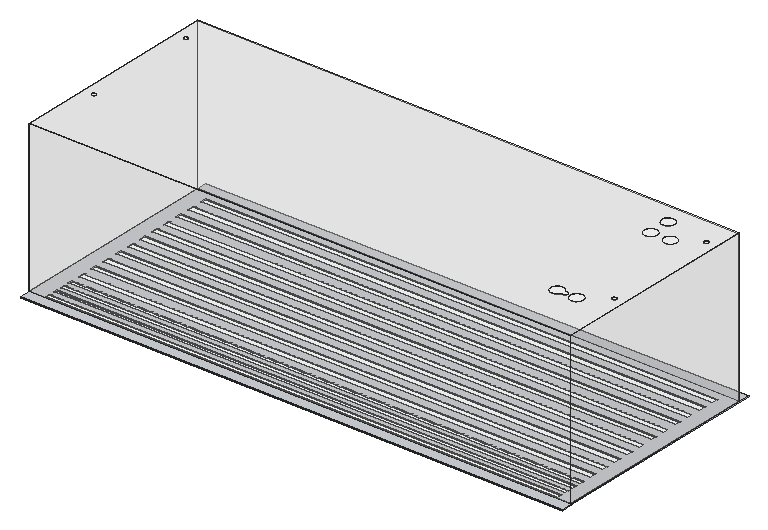
Revit family "HP DXE R1000", category Mechanical Equipment, host Ceiling, Revit 2015
Parameters (values of type "HP DXE 1000R VRF EC")
  meathord of mesurement = "mm unless stated different in the parameter"
  maximum mounting height of air curtain = "3.8m"
  Weight (kg) = "52kg"
  Version = "1.0"
  VRF index system = "P71"
  URL = "http://www.thermoscreens.com/"
  Temerature classification = "low temperature"
  Supply (50Hz) = "230V~1P&N"
  Rated electrial power input (kW) = "0.3"
  Rated current (A) = "1.3"
  Product URL = "http://www.thermoscreens.com/our-air-curtain-range/heat-pump-air-curtains-hp-dxe"
  Number of hanging points = "4"
  Noise output dB (A) @3m med = "55"
  Noise output dB (A) @3m low = "47"
  Noise output dB (A) @3m high = "58"
  Model reference = "HP DXE 1000R MR SLIM AC"
  Model = "HP DXE 1000R MR SLIM AC ELCO FANDECK"
  Maxium likely condensate flow rate (litres/hours) = "6.0"
  Maxium heating output(kW) = "8.9"
  Maxium cooling output (kW) = "7.8"
  Maxium air volume flow rate (m3/H) = "1530"
  Max.DX heat output = "8.9 with P71 unit"
  Material = "sheet steel 20 gauge"
  Manufacturer = "Thermoscreens"
  Loading (A) per phase = "0.8 or (7.3)"
  ISO 27327 uniformity at outlet = "90%"
  Filters = "N/A"
  Fan type = "AC ELCOfan deck"
  Effective width of air stream = "1.18"
  Description = "the HP DXE is our leading product on heat pump. this air curtain is good for"
  Created by = "Thermoscreens ltd"
  Colour = "As standard white RAL (9010) but this can be changed upon purchase."
  Center Y1 = 150.5 mm
  Center Y = 176.5 mm
  Center X1 = 789.5 mm
  Center X = 804.5 mm
  Air volume@(m3/h) medium = "1240"
  Air volume@(m3/h) low = "920"
  Air volume@(m3/h) high = "1510"
Types (4, lengths in mm): name | VRF index system | Rated electrial power input (kW) | Rated current (A) | Noise output dB (A) @3m med | Noise output dB (A) @3m high | Model reference | Model | Maxium heating output(kW) | Maxium cooling output (kW) | Maxium air volume flow rate (m3/H) | Max.DX heat output | Material | Effective width of air stream | Description | Air volume@(m3/h) medium | Air volume@(m3/h) low | Air volume@(m3/h) high
  HP DXE1000 MR SLIM AC | "" | "0.2" | "0.8" | "54" | "57" | "HP DXE 1000 MR SLIM AC" | "HP DXE 1000 MR SLIM AC ELCO FANDECK" | "8.3" | "7.4" | "1310" | "8.3 with P71 unit" | "sheet steel" | "1.10" | 0 | "1170" | "900" | "1310"
  HP DXE 1000 MR SLIM EC | "" | "0.3" | "1.2" | "55" | "58" | "HP DXE 1000 MR SLIM AC" | "HP DXE 1000 MR SLIM AC ELCO FANDECK" | "8.9" | "7.8" | "1590" | "8.9with P71 unit" | "sheet steel 20 gauge" | "1.18" | "the HP DXE is our leading product on heat pump. this air curtain is good for" | "1240" | "920" | "1510"
  HP DXE 1000R VRF AC | "" | "0.2" | "1.2" | "55" | "58" | "HP DXE 1000R MR SLIM AC" | "HP DXE 1000R MR SLIM AC ELCO FANDECK" | "8.9" | "7.4" | "1310" | "8.3 with P71 unit" | "sheet steel 20 gauge" | "1.18" | "the HP DXE is our leading product on heat pump. this air curtain is good for" | "1240" | "920" | "1510"
  HP DXE 1000R VRF EC | "P71" | "0.3" | "1.3" | "55" | "58" | "HP DXE 1000R MR SLIM AC" | "HP DXE 1000R MR SLIM AC ELCO FANDECK" | "8.9" | "7.8" | "1530" | "8.9 with P71 unit" | "sheet steel 20 gauge" | "1.18" | "the HP DXE is our leading product on heat pump. this air curtain is good for" | "1240" | "920" | "1510"
Reference planes
  plane 1 "Center (Front/Back)": y = 0
  plane 2: z = 0
  plane 3 "Center (Left/Right)": x = 0
  plane 4 "Ceiling": z = 4000
Forms (mm)
  Extrusion 1, solid, material "Default Light Source"
    sketch origin (-625, 242.5, 4000) x (0, -1, 0) y (0, 0, 1)
      loop
        line (0, 0) -> (485, 0) -> (485, 348) -> (0, 348) -> (0, 0)
    from 0 to -0.9
  Extrusion 2, solid, material "Default Light Source"
    sketch origin (-625, 242.5, 4000) x (0, 0, 1) y (1, 0, 0)
      loop
        line (0, 0) -> (348, 0) -> (348, 1250) -> (0, 1250) -> (0, 0)
    from 0 to -0.9
  Extrusion 3, solid, material "Default Light Source"
    sketch origin (625, 242.5, 4000) x (0, 0, 1) y (0, -1, 0)
      loop
        line (0, 485) -> (0, 0) -> (348, 0) -> (348, 485) -> (0, 485)
    from 0 to -0.9
  Extrusion 4, solid, material "Default Light Source"
    sketch origin (625, -242.5, 4348) x (0, 0, -1) y (1, 0, 0)
      loop
        line (348, 0) -> (0, 0) -> (0, -1250) -> (348, -1250) -> (348, 0)
    from 0 to -0.9
  Extrusion 5, solid, material "Default Light Source"
    sketch origin (625, -242.5, 4348) x (-1, 0, 0) y (0, -1, 0)
      loop
        line (1250, -485) -> (1250, 0) -> (0, 0) -> (0, -485) -> (1250, -485)
    from 0 to -0.9
  Extrusion 6, void
    sketch origin (625, -242.5, 4348) x (0, -1, 0) y (-1, 0, 0)
      loop
        circle (-156.012, 1224.647) r 5
      loop
        circle (-421.012, 1224.647) r 5
      loop
        arc (-120.933, 110.477) -> (-116.012, 99.647) -> (-111.091, 110.477) r 6.533
        arc (-111.091, 110.477) -> (-116.012, 139.647) -> (-120.933, 110.477) r 15
      loop
        circle (-116.012, 79.442) r 15
      loop
        circle (-156.012, 24.647) r 5
      loop
        circle (-386.012, 124.647) r 15
      loop
        circle (-386.012, 79.442) r 15
      loop
        circle (-421.012, 24.647) r 5
      loop
        circle (-436.012, 124.647) r 15
    from 0 to 10
  Extrusion 7, solid
    sketch origin (-625, -242.5, 4000) x (0, -1, 0) y (-1, 0, 0)
      loop
        line (-485, 0) -> (-510, 0) -> (-510, -1250) -> (0, -1250) -> (25, -1250) -> (25, 0) -> (-485, 0)
    from 0 to 1
  Extrusion 8, void
    sketch origin (-625, -242.5, 4000) x (1, 0, 0) y (0, -1, 0)
      loop
        line (1215, -5) -> (35, -5) -> (35, -15.7) -> (1215, -15.7) -> (1215, -5)
      loop
        line (1215, -26.4) -> (35, -26.4) -> (35, -37.1) -> (1215, -37.1) -> (1215, -26.4)
      loop
        line (1215, -47.8) -> (35, -47.8) -> (35, -58.5) -> (1215, -58.5) -> (1215, -47.8)
      loop
        line (1215, -69.2) -> (35, -69.2) -> (35, -80) -> (45.7, -80) -> (56.4, -80) -> (67.1, -80) -> (77.8, -80) -> (88.5, -80) -> (99.2, -80) -> (109.9, -80) -> (120.6, -80) -> (131.3, -80) -> (142, -80) -> (152.7, -80) -> (163.4, -80) -> (174.1, -80) -> (184.8, -80) -> (195.5, -80) -> (206.2, -80) -> (216.9, -80) -> (227.6, -80) -> (238.3, -80) -> (249, -80) -> (259.7, -80) -> (270.4, -80) -> (281.1, -80) -> (291.8, -80) -> (302.5, -80) -> (313.2, -80) -> (323.9, -80) -> (334.6, -80) -> (345.3, -80) -> (356, -80) -> (366.7, -80) -> (377.4, -80) -> (388.1, -80) -> (398.8, -80) -> (409.5, -80) -> (420.2, -80) -> (430.9, -80) -> (441.6, -80) -> (452.3, -80) -> (463, -80) -> (473.7, -80) -> (484.4, -80) -> (495.1, -80) -> (505.8, -80) -> (516.5, -80) -> (527.2, -80) -> (537.9, -80) -> (548.6, -80) -> (559.3, -80) -> (570, -80) -> (580.7, -80) -> (591.4, -80) -> (602.1, -80) -> (612.8, -80) -> (623.5, -80) -> (634.2, -80) -> (644.9, -80) -> (655.6, -80) -> (666.3, -80) -> (677, -80) -> (687.7, -80) -> (698.4, -80) -> (709.1, -80) -> (719.8, -80) -> (730.5, -80) -> (741.2, -80) -> (751.9, -80) -> (762.6, -80) -> (773.3, -80) -> (784, -80) -> (794.7, -80) -> (805.4, -80) -> (816.1, -80) -> (826.8, -80) -> (837.5, -80) -> (848.2, -80) -> (858.9, -80) -> (869.6, -80) -> (880.3, -80) -> (891, -80) -> (901.7, -80) -> (912.4, -80) -> (923.1, -80) -> (933.8, -80) -> (944.5, -80) -> (955.2, -80) -> (965.9, -80) -> (976.6, -80) -> (987.3, -80) -> (998, -80) -> (1008.7, -80) -> (1019.4, -80) -> (1030.1, -80) -> (1040.8, -80) -> (1051.5, -80) -> (1062.2, -80) -> (1072.9, -80) -> (1083.6, -80) -> (1094.3, -80) -> (1105, -80) -> (1115.7, -80) -> (1126.4, -80) -> (1137.1, -80) -> (1147.8, -80) -> (1158.5, -80) -> (1169.2, -80) -> (1179.9, -80) -> (1190.6, -80) -> (1201.3, -80) -> (1212, -80) -> (1215, -80) -> (1215, -69.2)
      loop
        line (35, -100) -> (35, -110) -> (35, -115) -> (1215, -115) -> (1215, -100) -> (35, -100)
      loop
        line (35, -135) -> (35, -150) -> (1215, -150) -> (1215, -135) -> (35, -135)
      loop
        line (1215, -170) -> (35, -170) -> (35, -185) -> (1215, -185) -> (1215, -170)
      loop
        line (35, -205) -> (35, -220) -> (1215, -220) -> (1215, -205) -> (35, -205)
      loop
        line (35, -240) -> (35, -255) -> (1215, -255) -> (1215, -240) -> (35, -240)
      loop
        line (1215, -275) -> (35, -275) -> (35, -290) -> (1215, -290) -> (1215, -275)
      loop
        line (35, -310) -> (35, -325) -> (1215, -325) -> (1215, -310) -> (35, -310)
      loop
        line (35, -345) -> (35, -360) -> (1215, -360) -> (1215, -345) -> (35, -345)
      loop
        line (35, -380) -> (35, -395) -> (1215, -395) -> (1215, -380) -> (35, -380)
      loop
        line (1215, -415) -> (35, -415) -> (35, -430) -> (1215, -430) -> (1215, -415)
      loop
        line (1215, -450) -> (35, -450) -> (35, -465) -> (1215, -465) -> (1215, -450)
    from 0 to 1
Cuts and joins
  Extrusion 6 cuts Extrusion 5
  joined: Extrusion 1, Extrusion 2, Extrusion 3, Extrusion 4, Extrusion 5
  Extrusion 8 cuts Extrusion 7
Dimensions and locks
  equal spacing: host sketch curve, plane 3 "Center (Left/Right)", host sketch curve
  equal spacing: host sketch curve, plane 1 "Center (Front/Back)", host sketch curve
  host sketch curve to host sketch curve = 4000 mm  (x2)
  locked: plane 4 "Ceiling" to host ceiling at 0
